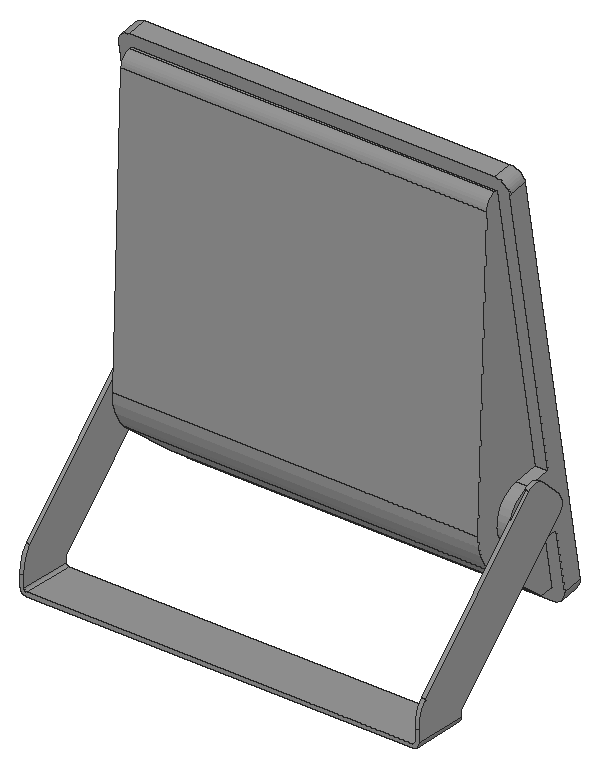
Revit family "0048209", category Lighting Fixtures, host Face, Revit 2016
Family settings
  Host = Face
  Part Type = Normal
  Round Connector Dimension = Use Diameter
  OmniClass Number = 23.80.70.00
  OmniClass Title = Lighting
  Cut with Voids When Loaded = No
  Light Source = No
  Shared = No
  Room Calculation Point = No
Parameters (values of type "0048209 Start Flood IP66 14000lm 740 ASYM")
  WingRadius_SYL = 10 mm
  WingLength_SYL = if([50W_SYL], 100 mm, if([100W_SYL], 142 mm, if([150W_SYL], 142 mm, if([200W_SYL], 150 mm, 170 mm))))  # 142 mm
  WidthBracket_SYL = 40 mm
  Weight = "3.9 kg"
  Wattage Comments = ""
  WarrantyStartDate [instance] = "n/a"
  WarrantyGuarantorParts = "n/a"
  WarrantyDurationUnit = "n/a"
  WarrantyDurationParts = "n/a"
  WarrantyDescription = "n/a"
  Voltage = 230 V
  URL = "http://www.sylvania-lighting.com"
  TypeName = "Start Flood IP66 14000lm 740 ASYM"
  TypeHead_SYL = START Flood IP66 100W luminaire : 0048209 Start Flood IP66 14000lm 740 ASYM
  Type Image = <None>
  Type Comments = "n/a"
  ThicknessBracket_SYL = 3 mm
  SerialNumber [instance] = "n/a"
  RotationAngle_SYL [instance] = -100.00°
  RadiusOutBracket_SYL = 5 mm
  RadiusInBracket_SYL = 2 mm
  Material_3_SYL = none
  PowerFactor = 0.98
  PowerConsumption = "99 W"
  NominalLength = 418 mm
  NominalHeight = 330 mm
  NominalDepth = 77 mm
  Name = "Start Flood IP66 14000lm 740 ASYM"
  ModelReference = Name  # "Start Flood IP66 14000lm 740 ASYM"
  ModelNumber = "0048209"
  Model = Name  # "Start Flood IP66 14000lm 740 ASYM"
  Material = "n/a"
  ManufacturerName = "Feilo Sylvania"
  Manufacturer = "Feilo Sylvania"
  LuminousEfficacy = "137 lm/W"
  LuminaireType = ""
  LightOutputRatio = "n/a"
  LengthIn_SYL = if([50W_SYL], 210 mm, if([100W_SYL], 300 mm, if([150W_SYL], 295 mm, if([200W_SYL], 360 mm, 430 mm))))  # 300 mm
  LampsType = Lamp  # "LED"
  LampNominalLuminous = "13600 lm"
  LampMacAdamStep = "n/a"
  LampColourTemperature = "4000 K"
  LampColourRenderingIndex = "70"
  Lamp = "LED"
  Keynote = "16500"
  InstallationDate [instance] = "n/a"
  InputVoltage = "n/a"
  InputNominalFrequency = "n/a"
  IngressProtection = "IP66"
  ImpactProtectionIndex = "IK08"
  IfcExportType = "IfcLightFixtureType"
  IfcExportAs = "IfcLightFixtureType"
  EndAngle_SYL [instance] = RotationAngle_SYL + 180.00°  # 80.00°
  ElectricShockClassification = "Class I"
  DocumentationLiterature = "http://www.sylvania-lighting.com/product/en-int/products/0048209"
  DimmingControlOptions = "n/a"
  Material_2_SYL = none
  Description = ""
  Default Elevation = 1219.2 mm
  CreatedOn = "2/1/2019"
  CreatedBy = "@sylvania-lighting.com"
  Cost = 0
  built-in parameter 1114216 [instance] = (empty or 0)
  ClassificationValue = "EF_70_80"
  ClassificationName = "Uniclass2015"
  Material_1_SYL = Steel, Paint Finish, Dark Gray, Matte
  BarCode [instance] = "n/a"
  AxisOffsetWingEnd_SYL = WidthBracket_SYL / 2  # 20 mm
  AxisHeight_SYL = sin(45.00°) * WingLength_SYL  # 100.409 mm
  AxisDepth_SYL = cos(45.00°) * (WingLength_SYL - tan(45.00°) * AxisOffsetWingEnd_SYL - AxisOffsetWingEnd_SYL)  # 72.125 mm
  AssetType = "Fixed"
  AssetIdentifier [instance] = "n/a"
  Assembly Code = "D5020200"
  Apparent Load = 99 VA
  Material_4_SYL = none
  50W_SYL = no
  200W_SYL = no
  150W_SYL = no
  100W_SYL = yes
Reference planes
  plane 1 "Center (Front/Back)": y = 0
  plane 2: z = 0
  plane 3 "Center (Left/Right)": x = 0
  plane 4: x = 153
  plane 5: x = -153
  plane 6: x = 150
  plane 7: x = -150
  plane 8: z = 10
  plane 9: y = 20
  plane 10: y = -20
  plane 11: z = 3
  plane 12: z = 110.409
  plane 13: y = 92.125
Forms (mm)
  Extrusion 1, solid, material "Steel, Paint Finish, Dark Gray, Matte" <- "Material_1_SYL"
    sketch origin (0, 0, 0) x (1, 0, 0) y (0, 0, 1)
      loop
        arc (148, 0) -> (151.536, 1.464) -> (153, 5) r 5
        line (153, 5) -> (153, 10) -> (150, 10) -> (150, 5)
        arc (150, 5) -> (149.414, 3.586) -> (148, 3) r 2
        line (148, 3) -> (-148, 3)
        arc (-148, 3) -> (-149.414, 3.586) -> (-150, 5) r 2
        line (-150, 5) -> (-150, 10) -> (-153, 10) -> (-153, 5)
        arc (-153, 5) -> (-151.536, 1.464) -> (-148, 0) r 5
        line (-148, 0) -> (148, 0)
    from -20 to 20
  Extrusion 2, solid, material "Steel, Paint Finish, Dark Gray, Matte" <- "Material_1_SYL"
    sketch origin (150, -4572, 2609.058) x (0, 0, 1) y (0, -1, 0)
      loop
        line (-2599.058, -4592) -> (-2505.72, -4685.338)
        arc (-2505.72, -4685.338) -> (-2498.649, -4688.267) -> (-2491.578, -4685.338) r 10
        line (-2491.578, -4685.338) -> (-2477.436, -4671.196)
        arc (-2477.436, -4671.196) -> (-2474.507, -4664.125) -> (-2477.436, -4657.054) r 10
        line (-2477.436, -4657.054) -> (-2576.632, -4557.858)
        arc (-2576.632, -4557.858) -> (-2585.316, -4553.5) -> (-2594.916, -4552) r 31.464
        line (-2594.916, -4552) -> (-2599.058, -4552) -> (-2599.058, -4592)
    from 0 to 3
  Extrusion 3, solid, material "Steel, Paint Finish, Dark Gray, Matte" <- "Material_1_SYL"
    sketch origin (-153, -4572, 2609.058) x (0, 0, 1) y (0, -1, 0)
      loop
        arc (-2505.72, -4685.338) -> (-2498.649, -4688.267) -> (-2491.578, -4685.338) r 10
        line (-2491.578, -4685.338) -> (-2477.436, -4671.196)
        arc (-2477.436, -4671.196) -> (-2474.507, -4664.125) -> (-2477.436, -4657.054) r 10
        line (-2477.436, -4657.054) -> (-2576.632, -4557.858)
        arc (-2576.632, -4557.858) -> (-2585.316, -4553.5) -> (-2594.916, -4552) r 31.464
        line (-2594.916, -4552) -> (-2604.058, -4552) -> (-2604.058, -4592) -> (-2599.058, -4592) -> (-2505.72, -4685.338)
    from 0 to 3
  Revolve 4, solid, not visible
    sketch origin (1223.4, -4572, 110.409) x (0, -1, 0) y (1, 0, 0)
      loop
        line (-4664.125, -1223.4) -> (-4679.125, -1223.4) -> (-4679.125, -1273.4) -> (-4664.125, -1273.4) -> (-4664.125, -1223.4)
      axis (-4664.125, -1223.4) -> (-4664.125, -1273.4)
    angle from -100 <- "RotationAngle_SYL" to 80 <- "EndAngle_SYL"
Cuts and joins
  joined: Extrusion 1, Extrusion 2, Extrusion 3
Lines and regions (mm)
  reference lines
    curve 1: line (0, 20, 10) -> (0, 172.028, 162.028)
    curve 2: line (0, 133.744, 180.312) -> (0, -20, 26.569)
    curve 3: line (0, 92.125, 138.693) -> (0, 120.409, 110.409)
    curve 4: line (-153, 4.393, 22.678) -> (-153, 170.135, 188.419)
    curve 5: line (0, 77.983, 124.551) -> (0, 106.267, 96.267)
Dimensions and locks
  locked: plane 8 to plane 2 at 10
  equal spacing: plane 10, plane 1 "Center (Front/Back)", plane 9
  "WidthBracket_SYL": plane 10 to plane 9
  "WidthBracket_SYL": curve 1 to curve 2
  "ThicknessBracket_SYL": plane 11 to plane 2
  "WingLength_SYL": curve 1 to curve 3
  level to Extrusion 1 = 10 mm
  equal spacing: plane 6, plane 3 "Center (Left/Right)", plane 7
  "LengthIn_SYL": plane 6 to plane 7
  equal spacing: plane 4, plane 3 "Center (Left/Right)", plane 5
  "ThicknessBracket_SYL": plane 7 to plane 5
  equal spacing: curve 1, curve 4, curve 2
  "AxisOffsetWingEnd_SYL": curve 3 to curve 5
  "AxisHeight_SYL": plane 12 to plane 8
  "AxisDepth_SYL": plane 9 to plane 13
  "RadiusInBracket_SYL": radius of Extrusion 1 sketch curve  (x2)
  "RadiusOutBracket_SYL": radius of Extrusion 1 sketch curve  (x2)
  "WingRadius_SYL": radius of Extrusion 2 sketch curve  (x2)
  locked: plane 8 to curve 1 (angle 45.00°)
  locked: plane 8 to curve 2 (angle 45.00°)
  aligned and locked: plane 2 to host face
  aligned and locked: level to host face
  aligned and locked: plane 9 to curve 1
  aligned and locked: plane 8 to curve 1
  aligned and locked: plane 10 to curve 2
  aligned and locked: plane 5 to Extrusion 1 sketch curve
  aligned and locked: plane 8 to Extrusion 1 sketch curve  (x2)
  aligned and locked: Extrusion 1 sketch curve to plane 7
  aligned and locked: plane 11 to Extrusion 1 sketch curve
  aligned and locked: plane 6 to Extrusion 1 sketch curve
  aligned and locked: Extrusion 1 sketch curve to plane 4
  aligned and locked: Extrusion 1 to plane 9
  aligned and locked: plane 10 to Extrusion 1
  aligned and locked: Extrusion 2 sketch curve to curve 1
  aligned and locked: curve 2 to Extrusion 2 sketch curve
  aligned and locked: plane 10 to Extrusion 2 sketch curve
  aligned and locked: Extrusion 2 sketch curve to Extrusion 1
  aligned and locked: plane 4 to Extrusion 2
  aligned and locked: Extrusion 2 to plane 6
  aligned and locked: plane 7 to Extrusion 3
  aligned and locked: Extrusion 3 to plane 5
  aligned and locked: cut or joined group of Extrusion 1, Extrusion 2, Extrusion 3 to curve 5  (x2)
  aligned and locked: Revolve 4 sketch curve to plane 13  (x2)
  aligned and locked: Revolve 4 sketch curve to curve 3
  aligned and locked: curve 2 to plane 3 "Center (Left/Right)"
  aligned and locked: Extrusion 3 sketch curve to cut or joined group of Extrusion 1, Extrusion 2, Extrusion 3  (x5)
  aligned and locked: cut or joined group of Extrusion 1, Extrusion 2, Extrusion 3 to Extrusion 3 sketch curve
  aligned and locked: nested 1 to plane 3 "Center (Left/Right)"
Automatic sketch dimensions
  host sketch curve to host sketch curve = 2438.4 mm  (x2)
  curve 4 to plane 1 "Center (Front/Back)" = 4.393 mm
  curve 4 to plane 9 = 150.135 mm
  Revolve 4 sketch curve to Revolve 4 sketch curve = 15 mm
  Revolve 4 sketch curve to plane 3 "Center (Left/Right)" = 50 mm
  Revolve 4 sketch curve to plane 5 = 1316.635 mm
  plane 4 to Revolve 4 sketch curve = 1441.773 mm
  Extrusion 3 sketch curve to plane 10 = 5.858 mm
  plane 12 to Extrusion 3 sketch curve = 7.071 mm
  Extrusion 3 sketch curve to plane 12 = 7.071 mm
  Extrusion 3 sketch curve to Extrusion 3 sketch curve = 7.071 mm
  plane 13 to Extrusion 3 sketch curve = 7.071 mm
  Extrusion 1 sketch curve to Extrusion 1 sketch curve = 0 mm  (x2)
  plane 12 to Extrusion 2 sketch curve = 0 mm
  Extrusion 2 sketch curve to plane 13 = 0 mm
  Extrusion 2 sketch curve to Extrusion 2 sketch curve = 4.142 mm
  Extrusion 2 sketch curve to plane 10 = 5.858 mm
  plane 12 to Extrusion 2 sketch curve = 7.071 mm
  Extrusion 2 sketch curve to plane 12 = 7.071 mm
  plane 13 to Extrusion 2 sketch curve = 7.071 mm
  Extrusion 2 sketch curve to plane 13 = 7.071 mm
Nested families
  nested 1: "START Flood IP66 100W luminaire" at (0, 92.125, 110.409) x (-1, 0, 0) z (0, 0.9848, 0.1736), type <- "TypeHead_SYL", type "0048209 Start Flood IP66 14000lm 740 ASYM"
    with built-in parameter 1114216 (empty or 0)
Connectors
  electrical at (4.2, 0, 0), driven by "Voltage", driven by "Apparent Load", driven by "PowerFactor"
    settings: on host face, index 1, voltage 230 V, apparent load 99 VA, apparent load phase1 0 VA, apparent load phase2 0 VA, apparent load phase3 0 VA, power factor 0.98, load classification "Other", number of poles 1, system type 30, power factor state 1, is connector primary yes, connector utility no, sub classification motor no, connector description ""
Definition of nested family "START Flood IP66 100W luminaire"
  Parameters (values of type "0048208 Start Flood IP66 14000lm 740 WB")
    WidthHead_SYL = if([50W_SYL], 210 mm, if([100W_SYL], 300 mm, if([150W_SYL], 295 mm, if([200W_SYL], 360 mm, 430 mm))))  # 300 mm
    Wattage Comments = "n/a"
    Wattage = 100 W
    built-in parameter 1150110 = 1 (stored number, unit not read)
    URL = "http://www.sylvania-lighting.com"
    Type Image = (empty or 0)
    Type Comments = "n/a"
    built-in parameter 1114217 = 1 (stored number, unit not read)
    Tilt Angle = -90.00°
    built-in parameter 1150109 = 1 (stored number, unit not read)
    built-in parameter 1150134 = 12
    built-in parameter 1150113 = 1 (stored number, unit not read)
    ScreenThickness_SYL = 14.5 mm  # constant formula
    ReflectorOffset_SYL = 12 mm  # constant formula
    ReflectorOffsetIn_SYL = RadiusReflectorFront_SYL  # 30 mm
    ReflectorHeight_SYL = if([50W_SYL], 145 mm, if([100W_SYL], 165 mm, if([150W_SYL], 210 mm, if([200W_SYL], 240 mm, 290 mm))))  # 165 mm
    RadiusReflectorIn_SYL = 5 mm  # constant formula
    RadiusReflectorFront_SYL = if([50W_SYL], 30 mm, if([100W_SYL], 30 mm, if([150W_SYL], 30 mm, if([200W_SYL], 30 mm, 35 mm))))  # 30 mm
    RadiusHinge_SYL = RadiusBack_SYL / 1.8  # 22.222 mm
    RadiusBack_SYL = if([50W_SYL], 31.3 mm, if([100W_SYL], 40 mm, if([150W_SYL], 40 mm, if([200W_SYL], 50 mm, 55 mm))))  # 40 mm
    Photometric Web File = "0048208.ies"
    OffsetBack_SYL = 10 mm  # constant formula
    Material_5_SYL = none
    Material_3_SYL = none
    Model = "Start Flood IP66 14000lm 740 WB"
    Manufacturer = "Feilo Sylvania"
    built-in parameter 1150105 = 16336.9 (stored number, unit not read)
    Lumens = 14500 lm
    built-in parameter 1150115 = 1 (stored number, unit not read)
    built-in parameter 1150137 = (empty or 0)
    built-in parameter 1150139 = (empty or 0)
    built-in parameter 1150112 = 1 (stored number, unit not read)
    built-in parameter 1150114 = 1 (stored number, unit not read)
    Lamp = "LED"
    Keynote = "16500"
    Material_2_SYL = none
    built-in parameter 1150132 = (empty or 0)
    built-in parameter 1150102 = (empty or 0)
    built-in parameter 1150107 = 4000 (stored number, unit not read)
    built-in parameter 1150138 = (empty or 0)
    built-in parameter 1150106 = 163.37 (stored number, unit not read)
    HeightHead_SYL = if([50W_SYL], 250 mm, if([100W_SYL], 320 mm, if([150W_SYL], 367 mm, if([200W_SYL], 400 mm, 470 mm))))  # 320 mm
    Emit from Rectangle Width = WidthHead_SYL - 4 mm - ReflectorOffset_SYL * 2 - ReflectorOffsetIn_SYL * 2  # 212 mm
    Emit from Rectangle Length = ReflectorHeight_SYL - ReflectorOffsetIn_SYL * 2  # 105 mm
    Emit Shape Visible in Rendering = no
    built-in parameter 1150104 = 13.471 (stored number, unit not read)
    Dimming Lamp Color Temperature Shift = (empty or 0)
    Description = ""
    Default Elevation = 1219.2 mm
    Cost = 0
    Color Filter = 16777215
    built-in parameter 1114216 [instance] = (empty or 0)
    Material_1_SYL = none
    Chamfer_SYL = if([50W_SYL], 15 mm, if([100W_SYL], 15 mm, if([150W_SYL], 15 mm, if([200W_SYL], 15 mm, 20 mm))))  # 15 mm
    built-in parameter 1114218 = 1 (stored number, unit not read)
    AxisOffsetBottom_SYL = if([50W_SYL], 68 mm, if([100W_SYL], 80 mm, if([150W_SYL], 92.2 mm, if([200W_SYL], 99.7 mm, 117 mm))))  # 80 mm
    AxisOffsetFront_SYL = if([50W_SYL], 28.4 mm, if([100W_SYL], 33.2 mm, if([150W_SYL], 33.2 mm, if([200W_SYL], 32.9 mm, 38.3 mm))))  # 33.2 mm
    built-in parameter 1150133 = 10 (stored number, unit not read)
    Assembly Code = "D5020200"
    Apparent Load = 100 VA
    Material_4_SYL = none
    50W_SYL = no
    200W_SYL = no
    150W_SYL = no
    100W_SYL = yes
  Types (2, lengths in mm): name | Wattage | Photometric Web File | Model | built-in parameter 1150105 | Lumens | built-in parameter 1150106 | built-in parameter 1150104 | Apparent Load
    0048209 Start Flood IP66 14000lm 740 ASYM | 99 W | "0048209.ies" | "Start Flood IP66 14000lm 740 ASYM" | 7375.4 (stored number, unit not read) | 13563 lm | 73.754 (stored number, unit not read) | 12.728 (stored number, unit not read) | 99 VA
    0048208 Start Flood IP66 14000lm 740 WB | 100 W | "0048208.ies" | "Start Flood IP66 14000lm 740 WB" | 16336.9 (stored number, unit not read) | 14500 lm | 163.37 (stored number, unit not read) | 13.471 (stored number, unit not read) | 100 VA
  Reference planes
    plane 1 "Center (Front/Back)": y = 0
    plane 2: z = 0
    plane 3 "Center (Left/Right)": x = 0
    plane 4: x = 150
    plane 5: x = -150
    plane 6: y = -80
    plane 7: y = 240
    plane 8: z = 33.2
    plane 9: z = 18.7
    plane 10: y = 230
    plane 11: y = -70
    plane 12: x = -140
    plane 13: x = 140
    plane 14: x = -148
    plane 15: y = 238
    plane 16: x = 148
    plane 17: y = -78
    plane 18: y = 223
    plane 19: x = 133
    plane 20: x = -133
    plane 21: y = -63
    plane 22: z = 31.2
    plane 23: z = 8.7
    plane 24: x = -136
    plane 25: y = 226
    plane 26: x = 136
    plane 27: y = 61
    plane 28: x = -106
    plane 29: y = 91
    plane 30: x = 106
    plane 31: y = 196
    plane 32: y = 143.5
  Forms (mm)
    Extrusion 1, solid
      sketch origin (4.2, 0, 0) x (1, 0, 0) y (0, 1, 0)
        loop
          line (-1219.2, 1219.2) -> (-1219.2, -1219.2) -> (1219.2, -1219.2) -> (1219.2, 1219.2) -> (-1219.2, 1219.2)
      from 0 to -68.017
    Extrusion 2, solid, material <- "Material_1_SYL"
      sketch origin (0, 1219.2, 33.2) x (1, 0, 0) y (0, -1, 0)
        loop
          line (-140, 979.2) -> (140, 979.2)
          arc (140, 979.2) -> (147.071, 982.129) -> (150, 989.2) r 10
          line (150, 989.2) -> (150, 1289.2)
          arc (150, 1289.2) -> (147.071, 1296.271) -> (140, 1299.2) r 10
          line (140, 1299.2) -> (-140, 1299.2)
          arc (-140, 1299.2) -> (-147.071, 1296.271) -> (-150, 1289.2) r 10
          line (-150, 1289.2) -> (-150, 989.2)
          arc (-150, 989.2) -> (-147.071, 982.129) -> (-140, 979.2) r 10
      from 0 to 14.5
    Extrusion 3, void
      sketch origin (0, 1219.2, 33.2) x (1, 0, 0) y (0, -1, 0)
        loop
          line (-133, 981.2) -> (133, 981.2) -> (148, 996.2) -> (148, 1282.2) -> (133, 1297.2) -> (-133, 1297.2) -> (-148, 1282.2) -> (-148, 996.2) -> (-133, 981.2)
      from 0 to 2
    Blend 4, void
      base sketch origin (0, 1219.2, 31.2) x (0, -1, 0) y (1, 0, 0)
        loop
          arc (993.2, -106) -> (1001.987, -127.213) -> (1023.2, -136) r 30
          line (1023.2, -136) -> (1128.2, -136)
          arc (1128.2, -136) -> (1149.413, -127.213) -> (1158.2, -106) r 30
          line (1158.2, -106) -> (1158.2, 106)
          arc (1158.2, 106) -> (1149.413, 127.213) -> (1128.2, 136) r 30
          line (1128.2, 136) -> (1023.2, 136)
          arc (1023.2, 136) -> (1001.987, 127.213) -> (993.2, 106) r 30
          line (993.2, 106) -> (993.2, -106)
      top sketch origin (0, 1219.2, 31.2) x (0, -1, 0) y (1, 0, 0)
        loop
          arc (1023.2, -103) -> (1025.044, -105.183) -> (1027.783, -106) r 5
          line (1027.783, -106) -> (1123.2, -106)
          arc (1123.2, -106) -> (1126.736, -104.536) -> (1128.2, -101) r 5
          line (1128.2, -101) -> (1128.2, 101)
          arc (1128.2, 101) -> (1126.736, 104.536) -> (1123.2, 106) r 5
          line (1123.2, 106) -> (1028.2, 106)
          arc (1028.2, 106) -> (1024.664, 104.536) -> (1023.2, 101) r 5
          line (1023.2, 101) -> (1023.2, -103)
      from 0 to -22.5
    Extrusion 5, solid, material <- "Material_1_SYL"
      sketch origin (0, 0, 0) x (0, 1, 0) y (0, 0, 1)
        loop
          line (-70, 18.7) -> (-70, 13.506)
          arc (-70, 13.506) -> (-68.858, 8.865) -> (-65.693, 5.284) r 10
          line (-65.693, 5.284) -> (-22.772, -32.885)
          arc (-22.772, -32.885) -> (-8.374, -39.114) -> (7.312, -39.326) r 40
          line (7.312, -39.326) -> (222.006, 7.063)
          arc (222.006, 7.063) -> (227.748, 10.538) -> (230, 16.86) r 10
          line (230, 16.86) -> (230, 18.7) -> (-70, 18.7)
      from -140 to 140
    Extrusion 6, solid, material <- "Material_4_SYL"
      sketch origin (0, 1219.2, 31.2) x (1, 0, 0) y (0, -1, 0)
        loop
          line (133, 981.2) -> (148, 996.2) -> (148, 1282.2) -> (133, 1297.2) -> (-133, 1297.2) -> (-148, 1282.2) -> (-148, 996.2) -> (-133, 981.2) -> (133, 981.2)
      from -2 to 0
    Extrusion 7, solid, material <- "Material_1_SYL"
      sketch origin (0, 0, 0) x (0, 1, 0) y (0, 0, 1)
        loop
          arc (-22.222, 0) -> (0, -22.222) -> (22.222, 0) r 22.222
          line (22.222, 0) -> (22.222, 18.7) -> (-22.222, 18.7) -> (-22.222, 0)
      from -150 to 150
  Cuts and joins
    Extrusion 3, Blend 4 cuts Extrusion 2
    joined: Extrusion 2, Extrusion 5, Extrusion 7
  Lines and regions (mm)
    Split face 1
      outline origin (0, 1219.2, 33.2) x (1, 0, 0) y (0, 1, 0)
        loop
          arc (106, -1158.2) -> (127.213, -1149.413) -> (136, -1128.2) r 30
          line (136, -1128.2) -> (136, -1023.2)
          arc (136, -1023.2) -> (127.213, -1001.987) -> (106, -993.2) r 30
          line (106, -993.2) -> (-106, -993.2)
          arc (-106, -993.2) -> (-127.213, -1001.987) -> (-136, -1023.2) r 30
          line (-136, -1023.2) -> (-136, -1128.2)
          arc (-136, -1128.2) -> (-127.213, -1149.413) -> (-106, -1158.2) r 30
          line (-106, -1158.2) -> (106, -1158.2)
    reference lines
      curve 1: circle (0, 0, 0) r 40 normal (1, 0, 0)
      curve 2: line (-106, 226, 33.2) -> (106, 226, 33.2)
      curve 3: line (-136, 91, 33.2) -> (-136, 196, 33.2)
      curve 4: line (106, 61, 33.2) -> (-106, 61, 33.2)
      curve 5: line (136, 196, 33.2) -> (136, 91, 33.2)
      curve 6: arc (-106, 226, 33.2) -> (-127.213, 217.213, 33.2) -> (-136, 196, 33.2) r 30
      curve 7: arc (106, 226, 33.2) -> (127.213, 217.213, 33.2) -> (136, 196, 33.2) r 30
      curve 8: arc (-136, 91, 33.2) -> (-127.213, 69.787, 33.2) -> (-106, 61, 33.2) r 30
      curve 9: arc (106, 61, 33.2) -> (127.213, 69.787, 33.2) -> (136, 91, 33.2) r 30
      curve 10: line (-103, 196, 33.2) -> (101, 196, 33.2)
      curve 11: line (-106, 96, 33.2) -> (-106, 191.417, 33.2)
      curve 12: line (101, 91, 33.2) -> (-101, 91, 33.2)
      curve 13: line (106, 191, 33.2) -> (106, 96, 33.2)
      curve 14: arc (-103, 196, 33.2) -> (-105.183, 194.156, 33.2) -> (-106, 191.417, 33.2) r 5
      curve 15: arc (-101, 91, 33.2) -> (-104.536, 92.464, 33.2) -> (-106, 96, 33.2) r 5
      curve 16: arc (106, 96, 33.2) -> (104.536, 92.464, 33.2) -> (101, 91, 33.2) r 5
      curve 17: arc (101, 196, 33.2) -> (104.536, 194.536, 33.2) -> (106, 191, 33.2) r 5
      curve 18: circle (0, 0, 0) r 22.222 normal (1, 0, 0)
  Dimensions and locks
    equal spacing: plane 4, plane 3 "Center (Left/Right)", plane 5
    "WidthHead_SYL": plane 4 to plane 5
    "AxisOffsetBottom_SYL": plane 6 to plane 1 "Center (Front/Back)"
    "HeightHead_SYL": plane 6 to plane 7
    "AxisOffsetFront_SYL": plane 8 to plane 2
    "ScreenThickness_SYL": plane 9 to plane 8
    equal spacing: plane 12, plane 3 "Center (Left/Right)", plane 13
    "OffsetBack_SYL": plane 5 to plane 12
    "OffsetBack_SYL": plane 10 to plane 7
    "OffsetBack_SYL": plane 6 to plane 11
    locked: plane 6 to plane 17 at 2
    locked: plane 16 to plane 4 at 2
    locked: plane 5 to plane 14 at 2
    locked: plane 15 to plane 7 at 2
    "Chamfer_SYL": plane 19 to plane 16
    "Chamfer_SYL": plane 14 to plane 20
    "Chamfer_SYL": plane 18 to plane 15
    locked: plane 22 to plane 8 at 2
    "Chamfer_SYL": plane 17 to plane 21
    locked: plane 23 to plane 9 at 10
    equal spacing: plane 24, plane 3 "Center (Left/Right)", plane 26
    "ReflectorOffset_SYL": plane 25 to plane 15
    "ReflectorHeight_SYL": plane 27 to plane 25
    "ReflectorOffset_SYL": plane 14 to plane 24
    "ReflectorOffsetIn_SYL": plane 31 to plane 25
    "ReflectorOffsetIn_SYL": plane 24 to plane 28
    "ReflectorOffsetIn_SYL": plane 27 to plane 29
    "ReflectorOffsetIn_SYL": plane 30 to plane 26
    level to Extrusion 7 = 18.7 mm
    equal spacing: plane 29, plane 32, plane 31
    "RadiusBack_SYL": radius of curve 1
    "OffsetBack_SYL": radius of Extrusion 2 sketch curve  (x4)
    "RadiusReflectorFront_SYL": radius of curve 6
    "RadiusReflectorFront_SYL": radius of curve 8
    "RadiusReflectorFront_SYL": radius of curve 9
    "RadiusReflectorFront_SYL": radius of curve 7
    "RadiusReflectorIn_SYL": radius of curve 14
    "RadiusReflectorIn_SYL": radius of curve 15
    "RadiusReflectorIn_SYL": radius of curve 16
    "RadiusReflectorIn_SYL": radius of curve 17
    radius of Extrusion 5 sketch curve = 10 mm  (x2)
    "RadiusHinge_SYL": radius of curve 18
    aligned and locked: plane 2 to Extrusion 1
    aligned and locked: level to Extrusion 1
    aligned and locked: Extrusion 2 sketch curve to plane 7
    aligned and locked: plane 12 to Extrusion 2 sketch curve  (x2)
    aligned and locked: plane 13 to Extrusion 2 sketch curve  (x2)
    aligned and locked: plane 10 to Extrusion 2 sketch curve
    aligned and locked: plane 11 to Extrusion 2 sketch curve  (x2)
    aligned and locked: plane 9 to Extrusion 2
    aligned and locked: Extrusion 2 to plane 8
    aligned and locked: plane 20 to Extrusion 3 sketch curve
    aligned and locked: plane 18 to Extrusion 3 sketch curve
    aligned and locked: plane 14 to Extrusion 3 sketch curve
    aligned and locked: plane 17 to Extrusion 3 sketch curve
    aligned and locked: Extrusion 3 sketch curve to plane 16
    aligned and locked: plane 19 to Extrusion 3 sketch curve
    aligned and locked: plane 15 to Extrusion 3 sketch curve
    aligned and locked: plane 22 to Extrusion 3
    aligned and locked: Extrusion 3 to plane 8
    aligned and locked: curve 2 to plane 25
    aligned and locked: curve 3 to plane 24
    aligned and locked: plane 27 to curve 4
    aligned and locked: plane 26 to curve 5
    aligned and locked: curve 10 to plane 31
    aligned and locked: curve 11 to plane 28
    aligned and locked: plane 29 to curve 12
    aligned and locked: plane 30 to curve 13
    aligned and locked: Blend 4 sketch curve to curve 6
    aligned and locked: Blend 4 sketch curve to curve 8
    aligned and locked: Blend 4 sketch curve to curve 9
    aligned and locked: Blend 4 sketch curve to curve 7
    aligned and locked: Blend 4 sketch curve to curve 10
    aligned and locked: Blend 4 sketch curve to curve 17
    aligned and locked: Blend 4 sketch curve to curve 16
    aligned and locked: Blend 4 sketch curve to curve 15
    aligned and locked: Blend 4 sketch curve to curve 14
    aligned and locked: Blend 4 to plane 22
    aligned and locked: Extrusion 5 sketch curve to curve 1
    aligned and locked: Extrusion 5 to plane 12
    aligned and locked: plane 13 to Extrusion 5
    aligned and locked: plane 23 to Blend 4
    aligned and locked: Extrusion 6 sketch curve to cut or joined group of Extrusion 2, Extrusion 3, Blend 4, Extrusion 5, Extrusion 7  (x8)
    aligned and locked: plane 22 to Extrusion 6
    aligned and locked: Extrusion 6 to plane 8
    aligned and locked: Split face 1 sketch curve to cut or joined group of Extrusion 2, Extrusion 3, Blend 4, Extrusion 5, Extrusion 7  (x4)
    aligned and locked: Extrusion 7 sketch curve to curve 18
    aligned and locked: plane 9 to Extrusion 7 sketch curve  (x2)
    aligned and locked: plane 4 to Extrusion 7
    aligned and locked: Extrusion 7 to plane 5
    aligned and locked: plane 3 "Center (Left/Right)" to imposter light
    aligned and locked: plane 32 to imposter light
    aligned and locked: imposter light to plane 8
  Automatic sketch dimensions
    Extrusion 1 sketch curve to Extrusion 1 sketch curve = 2438.4 mm  (x2)
    Extrusion 3 sketch curve to plane 20 = 0 mm
    Extrusion 3 sketch curve to plane 19 = 0 mm
    plane 21 to Extrusion 3 sketch curve = 0 mm  (x2)
    plane 18 to Extrusion 3 sketch curve = 0 mm
    plane 28 to curve 10 = 3 mm
    curve 1 to curve 18 = 0 mm  (x2)
    curve 18 to level = 0 mm
    curve 18 to plane 1 "Center (Front/Back)" = 0 mm
    Extrusion 7 sketch curve to level = 0 mm
    Extrusion 5 sketch curve to plane 11 = 0 mm
    Extrusion 5 sketch curve to plane 10 = 0 mm
    plane 9 to Extrusion 5 sketch curve = 0 mm
    plane 21 to Extrusion 5 sketch curve = 2.693 mm
    plane 1 "Center (Front/Back)" to Extrusion 5 sketch curve = 22.772 mm
    Extrusion 5 sketch curve to plane 1 "Center (Front/Back)" = 7.312 mm
    plane 18 to Extrusion 5 sketch curve = 0.994 mm
    plane 23 to Extrusion 5 sketch curve = 3.416 mm
    plane 23 to Extrusion 5 sketch curve = 1.637 mm
